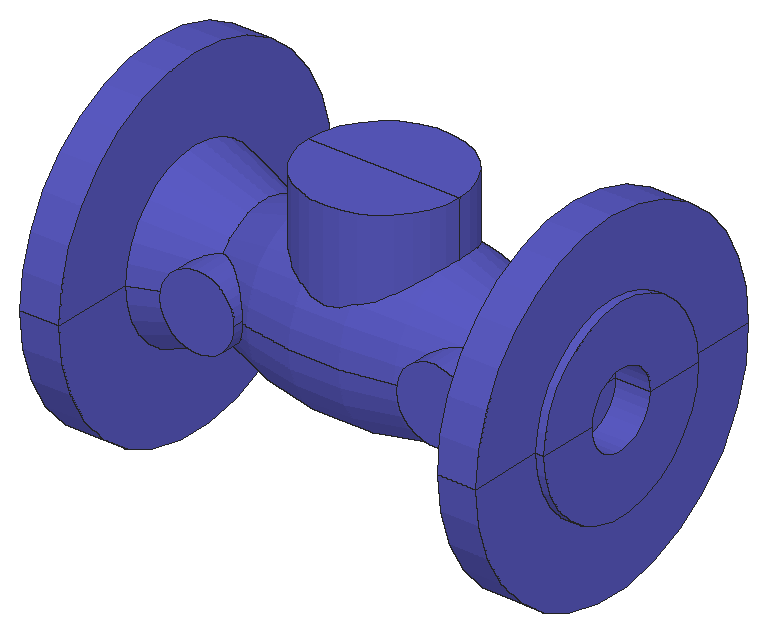
Revit family "HERZ Circuit chutoff valve 4218 AGF", category Rohrzubehör, Revit 2019
Family settings
  Bemaßung runder Anschluss = Durchmesser verwenden
  Teiletyp = Unterbricht
  Arbeitsebenenbasiert = Nein
  Immer vertikal = Ja
  Beim Laden mit Abzugskörper schneiden = Nein
  Gemeinsam genutzt = Nein
Parameters
  w = 10.00°  # constant formula
  Screw [instance] = if(Nennweite = 15.00 mm, "4x M12x50", if(Nennweite = 20.00 mm, "4x M12x55", if(Nennweite = 25.00 mm, "4x M12x55", if(Nennweite = 32.00 mm, "4x M16x60", if(Nennweite = 40.00 mm, "4x M16x60", if(Nennweite = 50.00 mm, "4x M16x60", if(Nennweite = 65.00 mm, "4x M16x60", if(Nennweite = 80.00 mm, "8x M16x65", if(Nennweite = 100.00 mm, "8x M16x65", if(Nennweite = 125.00 mm, "8x M16x70", if(Nennweite = 150.00 mm, "8x M20x70", if(Nennweite = 200.00 mm, "12x M20x75", if(Nennweite = 250.00 mm, "12x M24x85", if(Nennweite = 300.00 mm, "12x M24x85", if(Nennweite = 350.00 mm, "16x M24x90", "16x M27x100")))))))))))))))  # "4x M12x50"
  Medium = "Heating water quality according ÖNORM H5195 or VDI-Standard 2035. The use of ethylene or propylene glycol in a\nmixing ratio 25- 50% is allowed."
  Max. operating temperature up to DN 32 = 130 °C  # constant formula
  Max. operating temperature from DN 40 = 110 °C  # constant formula
  Max. operating pressure = 1600000.0 Pa  # constant formula
  m2 [instance] = size_lookup("4218_AGF", "m2", 22.00 mm, Nennweite)  # 22.00 mm
  m1 [instance] = 27.59 mm  # constant formula
  d1 [instance] = size_lookup("4218_AGF", "d1", 25.00 mm, Nennweite)  # 25.00 mm
  Valve = "upper part made of brass"  # constant formula
  Valve body = "cast iron GJL 250 according to EN 1561"  # constant formula
  URL = "www.herzvalves.com"
  SCRNSEQ = "ARM;ARM_TYP=\"ABSV\";2"
  SCRNCODE = "05;11;2"  # constant formula
  R05 [instance] = size_lookup("4218_AGF", "R05", 45.00 mm, Nennweite)  # 45.00 mm
  R04 [instance] = size_lookup("4218_AGF", "R04", 25.50 mm, Nennweite)  # 25.50 mm
  R03 [instance] = size_lookup("4218_AGF", "R03", 30.00 mm, Nennweite)  # 30.00 mm
  R02 [instance] = size_lookup("4218_AGF", "R02", 21.15 mm, Nennweite)  # 21.15 mm
  R01 [instance] = size_lookup("4218_AGF", "R01", 29.50 mm, Nennweite)  # 29.50 mm
  O-rings = "EPDM"  # constant formula
  Nennweite [instance] = 15.00 mm
  Lk [instance] = size_lookup("4218_AGF", "Lk", 32.50 mm, Nennweite)  # 32.50 mm
  L05 [instance] = 34.16 mm  # constant formula
  L04 [instance] = size_lookup("4218_AGF", "L04", 40.00 mm, Nennweite)  # 40.00 mm
  L03 [instance] = size_lookup("4218_AGF", "L03", 42.00 mm, Nennweite)  # 42.00 mm
  L02 [instance] = size_lookup("4218_AGF", "L02", 3.00 mm, Nennweite)  # 3.00 mm
  L01 [instance] = size_lookup("4218_AGF", "L01", 13.00 mm, Nennweite)  # 13.00 mm
  L [instance] = size_lookup("4218_AGF", "L", 160.00 mm, Nennweite)  # 160.00 mm
  Hersteller = "HERZ-Armaturen Ges.m.b.H."  # constant formula
  Dfl [instance] = size_lookup("4218_AGF", "Dfl", 57.50 mm, Nennweite)  # 57.50 mm
  DN80 [instance] = Nennweite = 80.00 mm  # no
  DN65-80 [instance] = or(Nennweite = 65.00 mm, Nennweite = 80.00 mm)  # no
  DN65 [instance] = Nennweite = 65.00 mm  # no
  DN50-80 [instance] = or(Nennweite = 50.00 mm, Nennweite = 65.00 mm, Nennweite = 80.00 mm)  # no
  DN50 [instance] = Nennweite = 50.00 mm  # no
  DN40 [instance] = Nennweite = 40.00 mm  # no
  DN32 [instance] = Nennweite = 32.00 mm  # no
  DN32-40 [instance] = or(Nennweite = 32.00 mm, Nennweite = 40.00 mm)  # no
  DN25-40 [instance] = or(Nennweite = 25.00 mm, Nennweite = 32.00 mm, Nennweite = 40.00 mm)  # no
  DN25 [instance] = Nennweite = 25.00 mm  # no
  D [instance] = size_lookup("4218_AGF", "D", 12.50 mm, Nennweite)  # 12.50 mm
  Part number [instance] = size_lookup("4218_AGF", "Artnr", 0, Nennweite)  # 0
  B [instance] = size_lookup("4218_AGF", "B", 58.00 mm, Nennweite)  # 58.00 mm
  Application = "For isolation in heating or cooling installations, risers, heat exchangers, heating and cooling systems."
Reference planes
  plane 1 "Mitte (Vorne/hinten)": y = 0
  plane 2: z = 0
  plane 3 "Mitte (Links/rechts)": x = 0
Forms (mm)
  Revolve 1, solid, material "Herz-Marineblau", detail levels fine
    sketch origin (1065, 0, 0) x (1, 0, 0) y (0, 1, 0)
      loop
        line (-1142, 57.5) -> (-1142, 32.5) -> (-1145, 32.5) -> (-1145, 12.5) -> (-1135, 12.5) -> (-1135, 0) -> (-997, 0) -> (-997, 12.5) -> (-985, 12.5) -> (-985, 32.5) -> (-988, 32.5) -> (-988, 57.5) -> (-1001, 57.5) -> (-1001, 29.5) -> (-1024.25, 21.15)
        arc (-1024.25, 21.15) -> (-1065, 30) -> (-1105.75, 21.15) r 98.242
        line (-1105.75, 21.15) -> (-1129, 29.5) -> (-1129, 57.5) -> (-1142, 57.5)
      axis (-985, 0) -> (-1145, 0)
    angle from 0 to 360
  Extrusion 2, solid, material "Herz-Marineblau", visible <- "DN25", detail levels fine
    sketch origin (0, 0, 0) x (1, 0, 0) y (0, 1, 0)
      loop
        arc (-40.75, -24.228) -> (0.085, -32.958) -> (40.917, -24.217) r 99.801
        line (40.917, -24.217) -> (40.917, 24.217)
        arc (40.917, 24.217) -> (0.085, 32.958) -> (-40.75, 24.228) r 99.801
        line (-40.75, 24.228) -> (-40.75, -24.228)
    from -12.5 to 12.5
  Extrusion 3, solid, material "Herz-Marineblau"
    sketch origin (0, 0, 0) x (1, 0, 0) y (0, 0, 1)
      loop
        circle (-40, 0) r 12.5
      loop
        circle (40, 0) r 12.5
    from -29 to 29
  Revolve 4, solid, visible <- "DN25"
    sketch origin (0, 0, 0) x (1, 0, 0) y (0, 0, 1)
      loop
        line (-42.018, 32) -> (-37.406, 5.845) -> (-26.573, 7.755) -> (-31.185, 33.91) -> (-42.018, 32)
      axis (-42.018, 32) -> (-37.406, 5.845)
    angle from 0 to 360
  Revolve 5, solid, visible <- "DN25"
    sketch origin (0, 0, 0) x (-1, 0, 0) y (0, 0, 1)
      loop
        line (-42.018, 32) -> (-37.406, 5.845) -> (-26.573, 7.755) -> (-31.185, 33.91) -> (-42.018, 32)
      axis (-42.018, 32) -> (-37.406, 5.845)
    angle from 0 to 360
  Revolve 6, solid, visible <- "DN32"
    sketch origin (-6, 0, 0) x (1, 0, 0) y (0, 0, 1)
      loop
        line (-42.018, 32) -> (-37.406, 5.845) -> (-26.573, 7.755) -> (-31.185, 33.91) -> (-42.018, 32)
      axis (-42.018, 32) -> (-37.406, 5.845)
    angle from 0 to 360
  Revolve 7, solid, visible <- "DN32"
    sketch origin (6, 0, 0) x (-1, 0, 0) y (0, 0, 1)
      loop
        line (-42.018, 32) -> (-37.406, 5.845) -> (-26.573, 7.755) -> (-31.185, 33.91) -> (-42.018, 32)
      axis (-42.018, 32) -> (-37.406, 5.845)
    angle from 0 to 360
  Revolve 8, solid, visible <- "DN40"
    sketch origin (-10, 0, 6) x (1, 0, 0) y (0, 0, 1)
      loop
        line (-42.018, 32) -> (-37.406, 5.845) -> (-26.573, 7.755) -> (-31.185, 33.91) -> (-42.018, 32)
      axis (-42.018, 32) -> (-37.406, 5.845)
    angle from 0 to 360
  Revolve 9, solid, visible <- "DN40"
    sketch origin (10, 0, 6) x (-1, 0, 0) y (0, 0, 1)
      loop
        line (-42.018, 32) -> (-37.406, 5.845) -> (-26.573, 7.755) -> (-31.185, 33.91) -> (-42.018, 32)
      axis (-42.018, 32) -> (-37.406, 5.845)
    angle from 0 to 360
  Revolve 10, solid, visible <- "DN50"
    sketch origin (-23, 0, 16) x (1, 0, 0) y (0, 0, 1)
      loop
        line (-42.018, 32) -> (-37.406, 5.845) -> (-26.573, 7.755) -> (-31.185, 33.91) -> (-42.018, 32)
      axis (-42.018, 32) -> (-37.406, 5.845)
    angle from 0 to 360
  Revolve 11, solid, visible <- "DN50"
    sketch origin (23, 0, 16) x (-1, 0, 0) y (0, 0, 1)
      loop
        line (-42.018, 32) -> (-37.406, 5.845) -> (-26.573, 7.755) -> (-31.185, 33.91) -> (-42.018, 32)
      axis (-42.018, 32) -> (-37.406, 5.845)
    angle from 0 to 360
  Revolve 12, solid, visible <- "DN65"
    sketch origin (-35, 0, 28) x (1, 0, 0) y (0, 0, 1)
      loop
        line (-42.018, 32) -> (-34.219, -12.231) -> (-18.954, -9.539) -> (-26.753, 34.692) -> (-42.018, 32)
      axis (-42.018, 32) -> (-34.219, -12.231)
    angle from 0 to 360
  Revolve 13, solid, visible <- "DN65"
    sketch origin (35, 0, 28) x (-1, 0, 0) y (0, 0, 1)
      loop
        line (-42.018, 32) -> (-34.219, -12.231) -> (-18.954, -9.539) -> (-26.753, 34.692) -> (-42.018, 32)
      axis (-42.018, 32) -> (-34.219, -12.231)
    angle from 0 to 360
  Revolve 14, solid, visible <- "DN80"
    sketch origin (-43, 0, 33) x (1, 0, 0) y (0, 0, 1)
      loop
        line (-42.018, 32) -> (-34.219, -12.231) -> (-18.954, -9.539) -> (-26.753, 34.692) -> (-42.018, 32)
      axis (-42.018, 32) -> (-34.219, -12.231)
    angle from 0 to 360
  Revolve 15, solid, visible <- "DN80"
    sketch origin (43, 0, 33) x (-1, 0, 0) y (0, 0, 1)
      loop
        line (-42.018, 32) -> (-34.219, -12.231) -> (-18.954, -9.539) -> (-26.753, 34.692) -> (-42.018, 32)
      axis (-42.018, 32) -> (-34.219, -12.231)
    angle from 0 to 360
  Revolve 16, solid, material "Herz-Marineblau"
    sketch origin (0, 0, 0) x (1, 0, 0) y (0, 0, 1)
      loop
        line (-0.018, 0) -> (25.5, 0) -> (25.5, 45) -> (-0.018, 45) -> (-0.018, 0)
      axis (-0.018, 45) -> (-0.018, 0)
    angle from 0 to 360
  Extrusion 17, solid, material "Herz-Marineblau", visible <- "DN32", detail levels fine
    sketch origin (0, 5, 0) x (1, 0, 0) y (0, 1, 0)
      loop
        arc (-50, -30.504) -> (0, -44.033) -> (50, -30.504) r 99.158
        line (50, -30.504) -> (50, 20.504)
        arc (50, 20.504) -> (0, 34.033) -> (-50, 20.504) r 99.158
        line (-50, 20.504) -> (-50, -30.504)
    from -12.5 to 12.5
  Extrusion 18, solid, material "Herz-Marineblau", visible <- "DN40", detail levels fine
    sketch origin (0, 7.139, 0) x (1, 0, 0) y (0, 1, 0)
      loop
        arc (-58.75, -37.243) -> (-0.086, -48.157) -> (58.607, -37.396) r 164.275
        line (58.607, -37.396) -> (58.607, 23.118)
        arc (58.607, 23.118) -> (-0.086, 33.878) -> (-58.75, 22.964) r 164.275
        line (-58.75, 22.964) -> (-58.75, -37.243)
    from -12.5 to 12.5
  Extrusion 19, solid, material "Herz-Marineblau", visible <- "DN50", detail levels fine
    sketch origin (0, 12.139, 0) x (1, 0, 0) y (0, 1, 0)
      loop
        arc (-70, -51.365) -> (-0.006, -58.136) -> (70, -51.487) r 368.507
        line (70, -51.487) -> (70, 27.208)
        arc (70, 27.208) -> (-0.006, 33.857) -> (-70, 27.086) r 368.507
        line (-70, 27.086) -> (-70, -51.365)
    from -12.5 to 12.5
  Extrusion 20, solid, material "Herz-Marineblau", visible <- "DN65", detail levels fine
    sketch origin (0, 17.139, 0) x (1, 0, 0) y (0, 1, 0)
      loop
        line (-89.879, 31.045) -> (-89.879, -65.324)
        arc (-89.879, -65.324) -> (0.112, -71.41) -> (90.111, -65.45) r 675.309
        line (90.111, -65.45) -> (90.111, 31.171)
        arc (90.111, 31.171) -> (0.112, 37.132) -> (-89.879, 31.045) r 675.309
    from -12.5 to 12.5
  Extrusion 21, solid, material "Herz-Marineblau", visible <- "DN80", detail levels fine
    sketch origin (0, 23.908, 0) x (1, 0, 0) y (0, 1, 0)
      loop
        line (-95.924, 29.668) -> (-95.924, -77.484)
        arc (-95.924, -77.484) -> (1.171, -81.507) -> (98.253, -77.179) r 1130.914
        line (98.253, -77.179) -> (98.253, 29.363)
        arc (98.253, 29.363) -> (1.171, 33.69) -> (-95.924, 29.668) r 1130.914
    from -12.5 to 12.5
  Revolve 22, solid, material "Messing, weicher Gelbton, geschweißt", visible <- "DN25"
    sketch origin (0, 0, 0) x (1, 0, 0) y (0, 0, 1)
      loop
        line (-15.927, 65) -> (-15.927, 50) -> (-24.821, 50) -> (-24.821, 45) -> (-0.018, 45) -> (-0.018, 87.982) -> (-7.018, 87.982) -> (-10.561, 84.439) -> (-10.561, 65) -> (-15.927, 65)
      axis (-0.018, 87.982) -> (-0.018, 45)
    angle from 0 to 360
  Revolve 23, solid, material "Messing, weicher Gelbton, geschweißt", visible <- "DN32-40"
    sketch origin (0, 0, 5) x (1, 0, 0) y (0, 0, 1)
      loop
        line (-15.927, 65) -> (-15.927, 50) -> (-24.821, 50) -> (-24.821, 45) -> (-0.018, 45) -> (-0.018, 82.982) -> (-7.018, 82.982) -> (-10.561, 79.439) -> (-10.561, 65) -> (-15.927, 65)
      axis (-0.018, 82.982) -> (-0.018, 45)
    angle from 0 to 360
  Revolve 24, solid, material "Messing, weicher Gelbton, geschweißt", visible <- "DN50"
    sketch origin (0, 0, 0) x (1, 0, 0) y (0, 0, 1)
      loop
        line (-30.605, 80.5) -> (-30.605, 65.5) -> (-39.5, 65.5) -> (-39.5, 60.5) -> (0, 60.5) -> (0, 103) -> (-17.179, 103) -> (-25.239, 94.939) -> (-25.239, 80.5) -> (-30.605, 80.5)
      axis (0, 103) -> (0, 60.5)
    angle from 0 to 360
  Revolve 25, solid, material "Messing, weicher Gelbton, geschweißt", visible <- "DN65-80"
    sketch origin (0, 0, 7.5) x (1, 0, 0) y (0, 0, 1)
      loop
        line (-30.605, 80.5) -> (-30.605, 65.5) -> (-39.5, 65.5) -> (-39.5, 60.5) -> (0, 60.5) -> (0, 95.5) -> (-17.179, 95.5) -> (-25.239, 87.439) -> (-25.239, 80.5) -> (-30.605, 80.5)
      axis (0, 95.5) -> (0, 60.5)
    angle from 0 to 360
  Extrusion 26, solid, material "Messing, weicher Gelbton, geschweißt", visible <- "DN25"
    sketch origin (0.537, 0, 6.073) x (0.984808, 0, 0.173648) y (0, 1, 0)
      loop
        line (-26.573, 0) -> (-31.989, 9.382) -> (-42.822, 9.382) -> (-48.239, 0) -> (-42.822, -9.382) -> (-31.989, -9.382) -> (-26.573, 0)
    from 32.922 to 35.92
  Extrusion 27, solid, material "Messing, weicher Gelbton, geschweißt", visible <- "DN40"
    sketch origin (-9.463, 0, 12.073) x (0.984808, 0, 0.173648) y (0, 1, 0)
      loop
        line (-26.573, 0) -> (-31.989, 9.382) -> (-42.822, 9.382) -> (-48.239, 0) -> (-42.822, -9.382) -> (-31.989, -9.382) -> (-26.573, 0)
    from 32.922 to 35.92
  Extrusion 28, solid, material "Messing, weicher Gelbton, geschweißt", visible <- "DN50"
    sketch origin (-22.463, 0, 22.073) x (0.984808, 0, 0.173648) y (0, 1, 0)
      loop
        line (-26.573, 0) -> (-31.989, 9.382) -> (-42.822, 9.382) -> (-48.239, 0) -> (-42.822, -9.382) -> (-31.989, -9.382) -> (-26.573, 0)
    from 32.922 to 35.92
  Extrusion 29, solid, material "Messing, weicher Gelbton, geschweißt", visible <- "DN80"
    sketch origin (-40.926, 0, 36.434) x (0.984808, 0, 0.173648) y (0, 1, 0)
      loop
        line (-24.656, 0) -> (-31.558, 11.956) -> (-45.364, 11.956) -> (-52.266, 0) -> (-45.364, -11.956) -> (-31.558, -11.956) -> (-24.656, 0)
    from 35.788 to 38.79
  Extrusion 30, solid, material "Messing, weicher Gelbton, geschweißt", visible <- "DN32"
    sketch origin (-5.463, 0, 6.073) x (0.984808, 0, 0.173648) y (0, 1, 0)
      loop
        line (-26.573, 0) -> (-31.989, 9.382) -> (-42.822, 9.382) -> (-48.239, 0) -> (-42.822, -9.382) -> (-31.989, -9.382) -> (-26.573, 0)
    from 32.922 to 35.92
  Extrusion 31, solid, material "Messing, weicher Gelbton, geschweißt", visible <- "DN25"
    sketch origin (-0.537, 0, 6.073) x (-0.984808, 0, 0.173648) y (0, -1, 0)
      loop
        line (-26.573, 0) -> (-31.989, 9.382) -> (-42.822, 9.382) -> (-48.239, 0) -> (-42.822, -9.382) -> (-31.989, -9.382) -> (-26.573, 0)
    from 32.922 to 35.92
  Extrusion 32, solid, material "Messing, weicher Gelbton, geschweißt", visible <- "DN40"
    sketch origin (9.463, 0, 12.073) x (-0.984808, 0, 0.173648) y (0, -1, 0)
      loop
        line (-26.573, 0) -> (-31.989, 9.382) -> (-42.822, 9.382) -> (-48.239, 0) -> (-42.822, -9.382) -> (-31.989, -9.382) -> (-26.573, 0)
    from 32.922 to 35.92
  Extrusion 33, solid, material "Messing, weicher Gelbton, geschweißt", visible <- "DN50"
    sketch origin (22.463, 0, 22.073) x (-0.984808, 0, 0.173648) y (0, -1, 0)
      loop
        line (-26.573, 0) -> (-31.989, 9.382) -> (-42.822, 9.382) -> (-48.239, 0) -> (-42.822, -9.382) -> (-31.989, -9.382) -> (-26.573, 0)
    from 32.922 to 35.92
  Extrusion 34, solid, material "Messing, weicher Gelbton, geschweißt", visible <- "DN32"
    sketch origin (5.463, 0, 6.073) x (-0.984808, 0, 0.173648) y (0, -1, 0)
      loop
        line (-26.573, 0) -> (-31.989, 9.382) -> (-42.822, 9.382) -> (-48.239, 0) -> (-42.822, -9.382) -> (-31.989, -9.382) -> (-26.573, 0)
    from 32.922 to 35.92
  Extrusion 35, solid, material "Messing, weicher Gelbton, geschweißt", visible <- "DN65"
    sketch origin (-32.926, 0, 31.434) x (0.984808, 0, 0.173648) y (0, 1, 0)
      loop
        line (-24.656, 0) -> (-31.558, 11.956) -> (-45.364, 11.956) -> (-52.266, 0) -> (-45.364, -11.956) -> (-31.558, -11.956) -> (-24.656, 0)
    from 35.788 to 38.79
  Extrusion 36, solid, material "Messing, weicher Gelbton, geschweißt", visible <- "DN80"
    sketch origin (40.926, 0, 36.434) x (-0.984808, 0, 0.173648) y (0, -1, 0)
      loop
        line (-24.656, 0) -> (-31.558, 11.956) -> (-45.364, 11.956) -> (-52.266, 0) -> (-45.364, -11.956) -> (-31.558, -11.956) -> (-24.656, 0)
    from 35.788 to 38.79
  Extrusion 37, solid, material "Messing, weicher Gelbton, geschweißt", visible <- "DN65"
    sketch origin (32.926, 0, 31.434) x (-0.984808, 0, 0.173648) y (0, -1, 0)
      loop
        line (-24.656, 0) -> (-31.558, 11.956) -> (-45.364, 11.956) -> (-52.266, 0) -> (-45.364, -11.956) -> (-31.558, -11.956) -> (-24.656, 0)
    from 35.788 to 38.79
Lines and regions (mm)
  model lines
    curve 1: line (-42.018, 0, 0) -> (-42.018, 0, 32)
    curve 2: line (-0.018, 0, 0) -> (-48.018, 0, 0)
    curve 3: line (-48.018, 0, 0) -> (-48.018, 0, 32)
    curve 4: line (-0.018, 0, 0) -> (-52.018, 0, 0)
    curve 5: line (-52.018, 0, 0) -> (-52.018, 0, 38)
    curve 6: line (-0.018, 0, 0) -> (-65.018, 0, 0)
    curve 7: line (-65.018, 0, 0) -> (-65.018, 0, 48)
    curve 8: line (-0.018, 0, 0) -> (-77.018, 0, 0)
    curve 9: line (-77.018, 0, 0) -> (-77.018, 0, 60)
    curve 10: line (-0.018, 0, 0) -> (-85.018, 0, 0)
    curve 11: line (-100.282, 0, 0) -> (-69.753, 0, 0)
    curve 12: line (-92.474, 0, 0) -> (-61.753, 0, 0)
Dimensions and locks
  "Dfl": plane 1 "Mitte (Vorne/hinten)" to Revolve 1 sketch curve
  "Lk": plane 1 "Mitte (Vorne/hinten)" to Revolve 1 sketch curve
  "D": plane 1 "Mitte (Vorne/hinten)" to Revolve 1 sketch curve
  "L": Revolve 1 sketch curve to Revolve 1 sketch curve
  "L01": Revolve 1 sketch curve to Revolve 1 sketch curve  (x2)
  "L02": Revolve 1 sketch curve to Revolve 1 sketch curve  (x2)
  equal spacing: Revolve 1 sketch curve, plane 3 "Mitte (Links/rechts)", Revolve 1 sketch curve  (x2)
  "L04": plane 3 "Mitte (Links/rechts)" to Extrusion 3 sketch curve
  "L04": Extrusion 3 sketch curve to plane 3 "Mitte (Links/rechts)"
  "B": Extrusion 3 to Extrusion 3
  equal spacing: Extrusion 3, plane 1 "Mitte (Vorne/hinten)", Extrusion 3
  "D": Revolve 1 sketch curve to plane 1 "Mitte (Vorne/hinten)"
  "Lk": Revolve 1 sketch curve to plane 1 "Mitte (Vorne/hinten)"
  "Dfl": Revolve 1 sketch curve to plane 1 "Mitte (Vorne/hinten)"
  "R02": plane 1 "Mitte (Vorne/hinten)" to Revolve 1 sketch curve  (x2)
  "R01": plane 1 "Mitte (Vorne/hinten)" to Revolve 1 sketch curve  (x2)
  "R03": plane 1 "Mitte (Vorne/hinten)" to Revolve 1 sketch curve
  Revolve 4 sketch curve to Revolve 4 sketch curve = 11.00 mm
  Revolve 4 sketch curve to Revolve 4 sketch curve = 26.559 mm
  Revolve 5 sketch curve to Revolve 5 sketch curve = 11.00 mm
  Revolve 5 sketch curve to Revolve 5 sketch curve = 26.559 mm
  Revolve 6 sketch curve to Revolve 6 sketch curve = 11.00 mm
  Revolve 6 sketch curve to Revolve 6 sketch curve = 26.559 mm
  Revolve 7 sketch curve to Revolve 7 sketch curve = 11.00 mm
  Revolve 7 sketch curve to Revolve 7 sketch curve = 26.559 mm
  Revolve 8 sketch curve to Revolve 8 sketch curve = 11.00 mm
  Revolve 8 sketch curve to Revolve 8 sketch curve = 26.559 mm
  Revolve 9 sketch curve to Revolve 9 sketch curve = 11.00 mm
  Revolve 9 sketch curve to Revolve 9 sketch curve = 26.559 mm
  Revolve 10 sketch curve to Revolve 10 sketch curve = 11.00 mm
  Revolve 10 sketch curve to Revolve 10 sketch curve = 26.559 mm
  Revolve 11 sketch curve to Revolve 11 sketch curve = 11.00 mm
  Revolve 11 sketch curve to Revolve 11 sketch curve = 26.559 mm
  Revolve 12 sketch curve to Revolve 12 sketch curve = 15.50 mm
  Revolve 12 sketch curve to Revolve 12 sketch curve = 44.913 mm
  Revolve 13 sketch curve to Revolve 13 sketch curve = 15.50 mm
  Revolve 13 sketch curve to Revolve 13 sketch curve = 44.913 mm
  Revolve 14 sketch curve to Revolve 14 sketch curve = 15.50 mm
  Revolve 14 sketch curve to Revolve 14 sketch curve = 44.913 mm
  Revolve 15 sketch curve to Revolve 15 sketch curve = 15.50 mm
  Revolve 15 sketch curve to Revolve 15 sketch curve = 44.913 mm
  "R05": Revolve 16 sketch curve to plane 2
  "R04": plane 3 "Mitte (Links/rechts)" to Revolve 16 sketch curve
  nested 5 to plane 2 = 88.00 mm
  nested 7 to plane 2 = 103.00 mm
  "d1": diameter of Extrusion 3 sketch curve  (x2)
  aligned and locked: level to plane 2
Automatic sketch dimensions
  curve 10 to level = 0.00 mm
  curve 8 to level = 0.00 mm
  curve 5 to level = 0.00 mm
  curve 10 to plane 3 "Mitte (Links/rechts)" = 85.018 mm
  curve 10 to curve 8 = 8.00 mm
  curve 8 to curve 7 = 12.00 mm
  curve 6 to curve 5 = 13.00 mm
  curve 4 to curve 2 = 4.00 mm
  curve 4 to plane 3 "Mitte (Links/rechts)" = 0.018 mm
  curve 6 to curve 2 = 0.00 mm
  curve 3 to curve 1 = 6.00 mm
  curve 10 to curve 2 = 0.00 mm
  level to curve 3 = 32.00 mm
  curve 1 to curve 3 = 0.00 mm
  curve 3 to curve 5 = 6.00 mm
  curve 5 to curve 7 = 10.00 mm
  curve 7 to curve 9 = 12.00 mm
  plane 1 "Mitte (Vorne/hinten)" to curve 11 = 0.00 mm
  plane 1 "Mitte (Vorne/hinten)" to curve 12 = 0.00 mm
  curve 11 to plane 3 "Mitte (Links/rechts)" = 100.282 mm
  curve 11 to curve 12 = 7.808 mm
  curve 12 to curve 11 = 22.721 mm
  curve 11 to curve 12 = 8.00 mm
  Extrusion 2 sketch curve to plane 3 "Mitte (Links/rechts)" = 40.75 mm
  plane 3 "Mitte (Links/rechts)" to Extrusion 2 sketch curve = 0.071 mm  (x2)
  plane 1 "Mitte (Vorne/hinten)" to Extrusion 2 sketch curve = 24.217 mm
  plane 3 "Mitte (Links/rechts)" to Extrusion 2 sketch curve = 40.917 mm
  plane 1 "Mitte (Vorne/hinten)" to Extrusion 2 sketch curve = 24.228 mm
  Extrusion 2 sketch curve to Extrusion 2 sketch curve = 42.614 mm
  Extrusion 2 sketch curve to plane 1 "Mitte (Vorne/hinten)" = 24.217 mm
  Revolve 4 sketch curve to plane 3 "Mitte (Links/rechts)" = 42.018 mm
  level to Revolve 4 sketch curve = 5.845 mm  (x2)
  Revolve 4 sketch curve to Revolve 4 sketch curve = 4.612 mm
  Revolve 4 sketch curve to Revolve 4 sketch curve = 10.833 mm
  level to Revolve 4 sketch curve = 32.00 mm
  Revolve 5 sketch curve to plane 3 "Mitte (Links/rechts)" = 42.018 mm
  Revolve 5 sketch curve to level = 5.845 mm  (x2)
  Revolve 5 sketch curve to Revolve 5 sketch curve = 4.612 mm
  Revolve 5 sketch curve to Revolve 5 sketch curve = 10.833 mm
  Revolve 5 sketch curve to level = 32.00 mm
  Revolve 6 sketch curve to plane 3 "Mitte (Links/rechts)" = 48.018 mm
  level to Revolve 6 sketch curve = 5.845 mm  (x2)
  Revolve 6 sketch curve to Revolve 6 sketch curve = 4.612 mm
  level to Revolve 6 sketch curve = 33.91 mm
  level to Revolve 6 sketch curve = 32.00 mm
  Revolve 7 sketch curve to plane 3 "Mitte (Links/rechts)" = 48.018 mm
  Revolve 7 sketch curve to level = 5.845 mm  (x2)
  Revolve 7 sketch curve to Revolve 7 sketch curve = 4.612 mm
  Revolve 7 sketch curve to level = 33.91 mm
  Revolve 7 sketch curve to level = 32.00 mm
  Revolve 8 sketch curve to plane 3 "Mitte (Links/rechts)" = 52.018 mm
  level to Revolve 8 sketch curve = 11.845 mm  (x2)
  Revolve 8 sketch curve to Revolve 8 sketch curve = 4.612 mm
  level to Revolve 8 sketch curve = 39.91 mm
  level to Revolve 8 sketch curve = 38.00 mm
  Revolve 9 sketch curve to plane 3 "Mitte (Links/rechts)" = 52.018 mm
  Revolve 9 sketch curve to level = 11.845 mm  (x2)
  Revolve 9 sketch curve to Revolve 9 sketch curve = 4.612 mm
  Revolve 9 sketch curve to level = 39.91 mm
  Revolve 9 sketch curve to level = 38.00 mm
  Revolve 10 sketch curve to plane 3 "Mitte (Links/rechts)" = 65.018 mm
  level to Revolve 10 sketch curve = 21.845 mm  (x2)
  Revolve 10 sketch curve to Revolve 10 sketch curve = 4.612 mm
  level to Revolve 10 sketch curve = 49.91 mm
  level to Revolve 10 sketch curve = 48.00 mm
  Revolve 11 sketch curve to plane 3 "Mitte (Links/rechts)" = 65.018 mm
  Revolve 11 sketch curve to level = 21.845 mm  (x2)
  Revolve 11 sketch curve to Revolve 11 sketch curve = 4.612 mm
  Revolve 11 sketch curve to level = 49.91 mm
  Revolve 11 sketch curve to level = 48.00 mm
  Revolve 12 sketch curve to plane 3 "Mitte (Links/rechts)" = 77.018 mm
  level to Revolve 12 sketch curve = 15.769 mm
  Revolve 12 sketch curve to Revolve 12 sketch curve = 7.799 mm
  Revolve 12 sketch curve to Revolve 12 sketch curve = 15.265 mm
  level to Revolve 12 sketch curve = 60.00 mm
  level to Revolve 12 sketch curve = 33.845 mm
  Revolve 13 sketch curve to plane 3 "Mitte (Links/rechts)" = 77.018 mm
  Revolve 13 sketch curve to level = 15.769 mm
  Revolve 13 sketch curve to Revolve 13 sketch curve = 7.799 mm
  Revolve 13 sketch curve to Revolve 13 sketch curve = 15.265 mm
  Revolve 13 sketch curve to level = 60.00 mm
  Revolve 13 sketch curve to level = 33.845 mm
  Revolve 14 sketch curve to plane 3 "Mitte (Links/rechts)" = 85.018 mm
  level to Revolve 14 sketch curve = 20.769 mm
  Revolve 14 sketch curve to Revolve 14 sketch curve = 7.799 mm
  level to Revolve 14 sketch curve = 67.692 mm
  level to Revolve 14 sketch curve = 65.00 mm
  level to Revolve 14 sketch curve = 38.845 mm
  Revolve 15 sketch curve to plane 3 "Mitte (Links/rechts)" = 85.018 mm
  Revolve 15 sketch curve to level = 20.769 mm
  Revolve 15 sketch curve to Revolve 15 sketch curve = 7.799 mm
  Revolve 15 sketch curve to level = 67.692 mm
  Revolve 15 sketch curve to level = 65.00 mm
  Revolve 15 sketch curve to level = 38.845 mm
  Extrusion 17 sketch curve to plane 3 "Mitte (Links/rechts)" = 0.00 mm  (x2)
  Extrusion 17 sketch curve to plane 1 "Mitte (Vorne/hinten)" = 25.504 mm
  Extrusion 17 sketch curve to plane 3 "Mitte (Links/rechts)" = 50.00 mm
  plane 1 "Mitte (Vorne/hinten)" to Extrusion 17 sketch curve = 25.504 mm
  plane 3 "Mitte (Links/rechts)" to Extrusion 17 sketch curve = 50.00 mm
  plane 1 "Mitte (Vorne/hinten)" to Extrusion 17 sketch curve = 60.125 mm
  Extrusion 17 sketch curve to plane 1 "Mitte (Vorne/hinten)" = 60.125 mm
  Extrusion 18 sketch curve to plane 3 "Mitte (Links/rechts)" = 58.75 mm
  plane 3 "Mitte (Links/rechts)" to Extrusion 18 sketch curve = 0.129 mm  (x2)
  plane 1 "Mitte (Vorne/hinten)" to Extrusion 18 sketch curve = 30.257 mm
  plane 3 "Mitte (Links/rechts)" to Extrusion 18 sketch curve = 58.607 mm
  Extrusion 18 sketch curve to Extrusion 18 sketch curve = 93.00 mm
  plane 1 "Mitte (Vorne/hinten)" to Extrusion 18 sketch curve = 30.103 mm
  Extrusion 18 sketch curve to plane 1 "Mitte (Vorne/hinten)" = 30.103 mm
  Extrusion 19 sketch curve to plane 3 "Mitte (Links/rechts)" = 70.00 mm
  plane 3 "Mitte (Links/rechts)" to Extrusion 19 sketch curve = 0.315 mm  (x2)
  plane 1 "Mitte (Vorne/hinten)" to Extrusion 19 sketch curve = 39.348 mm
  plane 3 "Mitte (Links/rechts)" to Extrusion 19 sketch curve = 70.00 mm
  Extrusion 19 sketch curve to Extrusion 19 sketch curve = 283.163 mm
  plane 1 "Mitte (Vorne/hinten)" to Extrusion 19 sketch curve = 39.226 mm
  Extrusion 19 sketch curve to plane 1 "Mitte (Vorne/hinten)" = 39.226 mm
  Extrusion 20 sketch curve to plane 3 "Mitte (Links/rechts)" = 89.879 mm
  plane 3 "Mitte (Links/rechts)" to Extrusion 20 sketch curve = 0.585 mm  (x2)
  plane 3 "Mitte (Links/rechts)" to Extrusion 20 sketch curve = 90.111 mm
  plane 1 "Mitte (Vorne/hinten)" to Extrusion 20 sketch curve = 621.038 mm
  plane 1 "Mitte (Vorne/hinten)" to Extrusion 20 sketch curve = 48.311 mm
  plane 1 "Mitte (Vorne/hinten)" to Extrusion 20 sketch curve = 48.185 mm
  Extrusion 20 sketch curve to plane 1 "Mitte (Vorne/hinten)" = 48.185 mm
  Extrusion 21 sketch curve to plane 3 "Mitte (Links/rechts)" = 95.924 mm
  Extrusion 21 sketch curve to plane 3 "Mitte (Links/rechts)" = 0.606 mm  (x2)
  plane 1 "Mitte (Vorne/hinten)" to Extrusion 21 sketch curve = 53.271 mm
  plane 3 "Mitte (Links/rechts)" to Extrusion 21 sketch curve = 98.253 mm
  plane 1 "Mitte (Vorne/hinten)" to Extrusion 21 sketch curve = 53.576 mm
  Extrusion 21 sketch curve to Extrusion 21 sketch curve = 1019.737 mm
  Extrusion 21 sketch curve to plane 1 "Mitte (Vorne/hinten)" = 53.271 mm
  Revolve 22 sketch curve to plane 3 "Mitte (Links/rechts)" = 24.821 mm
  Revolve 22 sketch curve to Revolve 22 sketch curve = 8.895 mm
  Revolve 22 sketch curve to Revolve 22 sketch curve = 5.366 mm
  Revolve 22 sketch curve to Revolve 22 sketch curve = 3.543 mm  (x2)
  Revolve 22 sketch curve to plane 3 "Mitte (Links/rechts)" = 0.018 mm
  level to Revolve 22 sketch curve = 45.00 mm
  Revolve 22 sketch curve to Revolve 22 sketch curve = 5.00 mm
  Revolve 22 sketch curve to Revolve 22 sketch curve = 15.00 mm
  Revolve 22 sketch curve to Revolve 22 sketch curve = 19.439 mm
  Revolve 22 sketch curve to Revolve 22 sketch curve = 0.00 mm  (x3)
  Revolve 23 sketch curve to plane 3 "Mitte (Links/rechts)" = 24.821 mm
  Revolve 23 sketch curve to Revolve 23 sketch curve = 8.895 mm
  Revolve 23 sketch curve to Revolve 23 sketch curve = 5.366 mm
  Revolve 23 sketch curve to Revolve 23 sketch curve = 3.543 mm  (x2)
  Revolve 23 sketch curve to plane 3 "Mitte (Links/rechts)" = 0.018 mm
  level to Revolve 23 sketch curve = 50.00 mm
  Revolve 23 sketch curve to Revolve 23 sketch curve = 5.00 mm  (x2)
  Revolve 23 sketch curve to Revolve 23 sketch curve = 15.00 mm
  Revolve 23 sketch curve to Revolve 23 sketch curve = 14.439 mm
  Revolve 23 sketch curve to Revolve 23 sketch curve = 0.00 mm  (x2)
  Revolve 24 sketch curve to plane 3 "Mitte (Links/rechts)" = 0.00 mm  (x2)
  Revolve 24 sketch curve to plane 3 "Mitte (Links/rechts)" = 17.179 mm
  Revolve 24 sketch curve to Revolve 24 sketch curve = 8.061 mm  (x2)
  Revolve 24 sketch curve to Revolve 24 sketch curve = 5.366 mm
  Revolve 24 sketch curve to Revolve 24 sketch curve = 8.895 mm
  level to Revolve 24 sketch curve = 60.50 mm
  Revolve 24 sketch curve to Revolve 24 sketch curve = 5.00 mm
  Revolve 24 sketch curve to Revolve 24 sketch curve = 15.00 mm
  Revolve 24 sketch curve to Revolve 24 sketch curve = 14.439 mm
  Revolve 24 sketch curve to Revolve 24 sketch curve = 0.00 mm  (x2)
  Revolve 25 sketch curve to plane 3 "Mitte (Links/rechts)" = 0.00 mm  (x2)
  Revolve 25 sketch curve to plane 3 "Mitte (Links/rechts)" = 17.179 mm
  Revolve 25 sketch curve to Revolve 25 sketch curve = 8.061 mm  (x2)
  Revolve 25 sketch curve to Revolve 25 sketch curve = 5.366 mm
  Revolve 25 sketch curve to Revolve 25 sketch curve = 8.895 mm
  level to Revolve 25 sketch curve = 68.00 mm
  Revolve 25 sketch curve to Revolve 25 sketch curve = 5.00 mm
  Revolve 25 sketch curve to Revolve 25 sketch curve = 15.00 mm
  Revolve 25 sketch curve to Revolve 25 sketch curve = 6.939 mm
  Revolve 25 sketch curve to Revolve 25 sketch curve = 0.00 mm
  Revolve 25 sketch curve to Revolve 25 sketch curve = 7.50 mm
  plane 1 "Mitte (Vorne/hinten)" to Extrusion 26 sketch curve = 0.00 mm  (x2)
  Extrusion 26 sketch curve to Extrusion 26 sketch curve = 5.416 mm  (x3)
  plane 1 "Mitte (Vorne/hinten)" to Extrusion 26 sketch curve = 9.382 mm
  Extrusion 26 sketch curve to Extrusion 26 sketch curve = 10.833 mm  (x2)
  Extrusion 26 sketch curve to plane 1 "Mitte (Vorne/hinten)" = 9.382 mm
  plane 1 "Mitte (Vorne/hinten)" to Extrusion 27 sketch curve = 0.00 mm  (x2)
  Extrusion 27 sketch curve to Extrusion 27 sketch curve = 5.416 mm  (x3)
  plane 1 "Mitte (Vorne/hinten)" to Extrusion 27 sketch curve = 9.382 mm
  Extrusion 27 sketch curve to Extrusion 27 sketch curve = 10.833 mm  (x2)
  Extrusion 27 sketch curve to plane 1 "Mitte (Vorne/hinten)" = 9.382 mm
  plane 1 "Mitte (Vorne/hinten)" to Extrusion 28 sketch curve = 0.00 mm  (x2)
  Extrusion 28 sketch curve to Extrusion 28 sketch curve = 5.416 mm  (x3)
  plane 1 "Mitte (Vorne/hinten)" to Extrusion 28 sketch curve = 9.382 mm
  Extrusion 28 sketch curve to Extrusion 28 sketch curve = 10.833 mm  (x2)
  Extrusion 28 sketch curve to plane 1 "Mitte (Vorne/hinten)" = 9.382 mm
  plane 1 "Mitte (Vorne/hinten)" to Extrusion 29 sketch curve = 0.00 mm  (x2)
  Extrusion 29 sketch curve to Extrusion 29 sketch curve = 6.903 mm  (x3)
  plane 1 "Mitte (Vorne/hinten)" to Extrusion 29 sketch curve = 11.956 mm
  Extrusion 29 sketch curve to Extrusion 29 sketch curve = 13.805 mm  (x2)
  Extrusion 29 sketch curve to plane 1 "Mitte (Vorne/hinten)" = 11.956 mm
  plane 1 "Mitte (Vorne/hinten)" to Extrusion 30 sketch curve = 0.00 mm  (x2)
  Extrusion 30 sketch curve to Extrusion 30 sketch curve = 5.416 mm  (x3)
  plane 1 "Mitte (Vorne/hinten)" to Extrusion 30 sketch curve = 9.382 mm
  Extrusion 30 sketch curve to Extrusion 30 sketch curve = 10.833 mm  (x2)
  Extrusion 30 sketch curve to plane 1 "Mitte (Vorne/hinten)" = 9.382 mm
  plane 1 "Mitte (Vorne/hinten)" to Extrusion 31 sketch curve = 0.00 mm  (x2)
  Extrusion 31 sketch curve to Extrusion 31 sketch curve = 5.416 mm  (x3)
  plane 1 "Mitte (Vorne/hinten)" to Extrusion 31 sketch curve = 9.382 mm
  Extrusion 31 sketch curve to Extrusion 31 sketch curve = 10.833 mm  (x2)
  Extrusion 31 sketch curve to plane 1 "Mitte (Vorne/hinten)" = 9.382 mm
  plane 1 "Mitte (Vorne/hinten)" to Extrusion 32 sketch curve = 0.00 mm  (x2)
  Extrusion 32 sketch curve to Extrusion 32 sketch curve = 5.416 mm  (x3)
  plane 1 "Mitte (Vorne/hinten)" to Extrusion 32 sketch curve = 9.382 mm
  Extrusion 32 sketch curve to Extrusion 32 sketch curve = 10.833 mm  (x2)
  Extrusion 32 sketch curve to plane 1 "Mitte (Vorne/hinten)" = 9.382 mm
  plane 1 "Mitte (Vorne/hinten)" to Extrusion 33 sketch curve = 0.00 mm  (x2)
  Extrusion 33 sketch curve to Extrusion 33 sketch curve = 5.416 mm  (x3)
  plane 1 "Mitte (Vorne/hinten)" to Extrusion 33 sketch curve = 9.382 mm
  Extrusion 33 sketch curve to Extrusion 33 sketch curve = 10.833 mm  (x2)
  Extrusion 33 sketch curve to plane 1 "Mitte (Vorne/hinten)" = 9.382 mm
  plane 1 "Mitte (Vorne/hinten)" to Extrusion 34 sketch curve = 0.00 mm  (x2)
  Extrusion 34 sketch curve to Extrusion 34 sketch curve = 5.416 mm  (x3)
  plane 1 "Mitte (Vorne/hinten)" to Extrusion 34 sketch curve = 9.382 mm
  Extrusion 34 sketch curve to Extrusion 34 sketch curve = 10.833 mm  (x2)
  Extrusion 34 sketch curve to plane 1 "Mitte (Vorne/hinten)" = 9.382 mm
  plane 1 "Mitte (Vorne/hinten)" to Extrusion 35 sketch curve = 0.00 mm  (x2)
  Extrusion 35 sketch curve to Extrusion 35 sketch curve = 6.903 mm  (x3)
  plane 1 "Mitte (Vorne/hinten)" to Extrusion 35 sketch curve = 11.956 mm
  Extrusion 35 sketch curve to Extrusion 35 sketch curve = 13.805 mm  (x2)
  Extrusion 35 sketch curve to plane 1 "Mitte (Vorne/hinten)" = 11.956 mm
  plane 1 "Mitte (Vorne/hinten)" to Extrusion 36 sketch curve = 0.00 mm  (x2)
  Extrusion 36 sketch curve to Extrusion 36 sketch curve = 6.903 mm  (x3)
  plane 1 "Mitte (Vorne/hinten)" to Extrusion 36 sketch curve = 11.956 mm
  Extrusion 36 sketch curve to Extrusion 36 sketch curve = 13.805 mm  (x2)
  Extrusion 36 sketch curve to plane 1 "Mitte (Vorne/hinten)" = 11.956 mm
  plane 1 "Mitte (Vorne/hinten)" to Extrusion 37 sketch curve = 0.00 mm  (x2)
  Extrusion 37 sketch curve to Extrusion 37 sketch curve = 6.903 mm  (x3)
  plane 1 "Mitte (Vorne/hinten)" to Extrusion 37 sketch curve = 11.956 mm
  Extrusion 37 sketch curve to Extrusion 37 sketch curve = 13.805 mm  (x2)
  Extrusion 37 sketch curve to plane 1 "Mitte (Vorne/hinten)" = 11.956 mm
  Revolve 1 sketch curve to plane 1 "Mitte (Vorne/hinten)" = 0.00 mm
  plane 1 "Mitte (Vorne/hinten)" to Revolve 1 sketch curve = 0.00 mm
  Revolve 1 sketch curve to Revolve 1 sketch curve = 10.00 mm
  Revolve 1 sketch curve to Revolve 1 sketch curve = 23.25 mm
  Revolve 1 sketch curve to Revolve 1 sketch curve = 12.00 mm
  Revolve 1 sketch curve to Revolve 1 sketch curve = 1920.00 mm  (x2)
  Extrusion 3 sketch curve to level = 0.00 mm  (x2)
  Revolve 16 sketch curve to level = 0.00 mm  (x2)
  Revolve 16 sketch curve to plane 3 "Mitte (Links/rechts)" = 0.018 mm
  Revolve 16 sketch curve to Revolve 16 sketch curve = 0.00 mm  (x2)
Nested families
  nested 1: "Herz-Logo-vorne" at (-0.018, -32.861, 0) x (0, 1, 0) z (0, 0, 1), visible <- "DN25", type "Herz-Logo-vorne", detail levels fine
  nested 2: "Herz-Logo-vorne" at (-0.018, -38.932, 0) x (0, 1, 0) z (0, 0, 1), visible <- "DN32", type "Herz-Logo-vorne", detail levels fine
  nested 3: "Herz-Logo-vorne" at (-0.018, -40.835, 0) x (0, 1, 0) z (0, 0, 1), visible <- "DN40", type "Herz-Logo-vorne", detail levels fine
  nested 4: "Herz-Logo-vorne" at (-0.018, -57.6, 0) x (0, 1, 0) z (0, 0, 1), visible <- "DN80", type "Herz-Logo-vorne", detail levels fine
  nested 5: "Strömax-Handrad" at (0, 0, 88), visible <- "DN25-40", type "Strömax-Handrad"
    with Nennweite 0.00 mm, Gewicht 0.00 kg, Bestellnummer 0
  nested 6: "Herz-Logo" at (0, 9.517, 109.445), visible <- "DN25-40", type "Herz-Logo"
  nested 7: "Strömax-Handrad-DN50-80" at (0, 0, 103), visible <- "DN50-80", type "Strömax-Handrad-DN50-80"
    with Nennweite 0.00 mm, Gewicht 0.00 kg, Bestellnummer 0
  nested 8: "Herz-Logo-vorne" at (0, -46.065, 0) x (0, 1, 0) z (0, 0, 1), visible <- "DN50", type "Herz-Logo-vorne", detail levels fine
  nested 9: "Herz-Logo-vorne" at (-0.018, -54.253, 0) x (0, 1, 0) z (0, 0, 1), visible <- "DN65", type "Herz-Logo-vorne", detail levels fine
Connectors
  piping at (-80, 0, 0), diameter 15, driven by "Nennweite"
    settings: on Revolve 1, index 1, connector inside diameter 609.6 mm, connector length 0.00 mm, flow factor 0, pipe flow 0.0 L/s, pressure drop 0.0 Pa, fitting loss kfactor 0, connector angle 0.00°, fixture units 0, engagement length 0.00 mm, angle of deflection 0.00°, flow configuration 0, flow direction 1, fitting loss method 0, system type 29, joint type 0, gender type 0, connector reference index -1, connector utility 0, adjustable connector no, is connector primary yes, connector description ""
  piping at (80, 0, 0), diameter 15, driven by "Nennweite"
    settings: on Revolve 1, index 2, connector inside diameter 609.6 mm, connector length 0.00 mm, flow factor 0, pipe flow 0.0 L/s, pressure drop 0.0 Pa, fitting loss kfactor 0, connector angle 0.00°, fixture units 0, engagement length 0.00 mm, angle of deflection 0.00°, flow configuration 0, flow direction 2, fitting loss method 0, system type 29, joint type 0, gender type 0, connector reference index -1, connector utility 0, adjustable connector no, is connector primary no, connector description ""
Definition of nested family "Herz-Logo-vorne"
  Reference planes
    plane 1 "Mitte (Vorne/hinten)": y = 0
    plane 2: z = 0
    plane 3 "Mitte (Links/rechts)": x = 0
  Forms (mm)
    Extrusion 1, solid
      sketch origin (0.732, -0.018, 0.017) x (0, -1, 0) y (0, 0, 1)
        loop
          line (-0.018, -4.517) -> (4.482, -4.517) -> (4.482, 4.483) -> (-4.518, 4.483) -> (-4.518, -4.517) -> (-0.018, -4.517)
        loop
          line (-0.05, -3.48) -> (3.482, -3.48) -> (3.482, 3.483) -> (-3.518, 3.483) -> (-3.518, -3.48) -> (-0.05, -3.48)
        loop
          arc (-0.018, 2.383) -> (-1.543, 3.287) -> (-3.067, 2.383) r 1.738
          arc (-3.067, 2.383) -> (-3.191, 1.899) -> (-3.067, 1.415) r 1.009
          line (-3.067, 1.415) -> (-0.018, -3.281) -> (3.032, 1.415)
          arc (3.032, 1.415) -> (3.156, 1.899) -> (3.032, 2.383) r 1.009
          arc (3.032, 2.383) -> (1.507, 3.287) -> (-0.018, 2.383) r 1.738
        loop
          arc (1.885, 1.272) -> (2.005, 1.675) -> (1.885, 2.079) r 0.74
          arc (1.885, 2.079) -> (1.265, 2.416) -> (0.644, 2.079) r 0.74
          line (0.644, 2.079) -> (-0.018, 0.97) -> (-0.679, 2.079)
          arc (-0.679, 2.079) -> (-1.3, 2.416) -> (-1.921, 2.079) r 0.74
          arc (-1.921, 2.079) -> (-2.04, 1.675) -> (-1.921, 1.272) r 0.74
          line (-1.921, 1.272) -> (-0.018, -1.658) -> (1.885, 1.272)
      from 0 to 1.5
  Dimensions and locks
    aligned and locked: level to plane 2
Definition of nested family "Strömax-Handrad"
  Parameters (values of type "Strömax-Handrad")
    URL = "www.herz-armaturen.at"
    Nennweite [instance] = 0.00 mm
    Manufacturer = "Herz Armaturen GmbH"  # constant formula
    Gewicht [instance] = 0.00 kg
    Bestellnummer [instance] = 0
  Reference planes
    plane 1 "Mitte (Vorne/hinten)": y = 0
    plane 2: z = 0
    plane 3 "Mitte (Links/rechts)": x = 0
  Forms (mm)
    Revolve 1, solid
      sketch origin (0, 0, 0) x (1, 0, 0) y (0, 0, 1)
        loop
          line (0, 0) -> (0, 22)
          arc (0, 22) -> (-12.15, 21.705) -> (-24.271, 20.819) r 250
          arc (-24.271, 20.819) -> (-26.831, 19.959) -> (-28.754, 18.063) r 6
          arc (-28.754, 18.063) -> (-29.682, 16.008) -> (-30, 13.776) r 8
          line (-30, 13.776) -> (-30, 0) -> (0, 0)
        axis (0, 22) -> (0, 0)
      angle from 0 to 360
    Extrusion 2, void
      sketch origin (0, 0, 0) x (1, 0, 0) y (0, 1, 0)
        loop
          circle (14.351, -34.645) r 10
      from 0 to 22
    Extrusion 3, void
      sketch origin (0, 0, 0) x (-1, 0, 0) y (0, -1, 0)
        loop
          circle (14.351, 34.645) r 10
      from 0 to 22
    Extrusion 4, void
      sketch origin (0, 0, 0) x (0, -1, 0) y (1, 0, 0)
        loop
          circle (14.351, 34.645) r 10
      from 0 to 22
    Extrusion 5, void
      sketch origin (0, 0, 0) x (0, 1, 0) y (-1, 0, 0)
        loop
          circle (14.351, -34.645) r 10
      from 0 to 22
    Extrusion 6, void
      sketch origin (0, 0, 0) x (0, -1, 0) y (1, 0, 0)
        loop
          circle (14.351, -34.645) r 10
      from 0 to 22
    Extrusion 7, void
      sketch origin (0, 0, 0) x (0, 1, 0) y (-1, 0, 0)
        loop
          circle (14.351, 34.645) r 10
      from 0 to 22
    Extrusion 8, void
      sketch origin (0, 0, 0) x (1, 0, 0) y (0, 1, 0)
        loop
          circle (14.351, 34.645) r 10
      from 0 to 22
    Extrusion 9, void
      sketch origin (0, 0, 0) x (-1, 0, 0) y (0, -1, 0)
        loop
          circle (14.351, -34.645) r 10
      from 0 to 22
  Cuts and joins
    Extrusion 2, Extrusion 3, Extrusion 4, Extrusion 5, Extrusion 6, Extrusion 7, Extrusion 8, Extrusion 9 cuts Revolve 1
  Dimensions and locks
    aligned and locked: level to plane 2
Definition of nested family "Herz-Logo"
  Reference planes
    plane 1 "Mitte (Vorne/hinten)": y = 0
    plane 2: z = 0
    plane 3 "Mitte (Links/rechts)": x = 0
  Forms (mm)
    Extrusion 1, solid
      sketch origin (0, 0, 0) x (1, 0, 0) y (0, 1, 0)
        loop
          line (-0.018, -4.517) -> (4.482, -4.517) -> (4.482, 4.483) -> (-4.518, 4.483) -> (-4.518, -4.517) -> (-0.018, -4.517)
        loop
          line (-0.05, -3.48) -> (3.482, -3.48) -> (3.482, 3.483) -> (-3.518, 3.483) -> (-3.518, -3.48) -> (-0.05, -3.48)
        loop
          arc (-0.018, 2.383) -> (-1.543, 3.287) -> (-3.067, 2.383) r 1.738
          arc (-3.067, 2.383) -> (-3.191, 1.899) -> (-3.067, 1.415) r 1.009
          line (-3.067, 1.415) -> (-0.018, -3.281) -> (3.032, 1.415)
          arc (3.032, 1.415) -> (3.156, 1.899) -> (3.032, 2.383) r 1.009
          arc (3.032, 2.383) -> (1.507, 3.287) -> (-0.018, 2.383) r 1.738
        loop
          arc (1.885, 1.272) -> (2.005, 1.675) -> (1.885, 2.079) r 0.74
          arc (1.885, 2.079) -> (1.265, 2.416) -> (0.644, 2.079) r 0.74
          line (0.644, 2.079) -> (-0.018, 0.97) -> (-0.679, 2.079)
          arc (-0.679, 2.079) -> (-1.3, 2.416) -> (-1.921, 2.079) r 0.74
          arc (-1.921, 2.079) -> (-2.04, 1.675) -> (-1.921, 1.272) r 0.74
          line (-1.921, 1.272) -> (-0.018, -1.658) -> (1.885, 1.272)
      from 0 to 1.5
  Dimensions and locks
    aligned and locked: level to plane 2
Definition of nested family "Strömax-Handrad-DN50-80"
  Parameters (values of type "Strömax-Handrad-DN50-80")
    URL = "www.herz-armaturen.at"
    Nennweite [instance] = 0.00 mm
    Manufacturer = "Herz Armaturen GmbH"  # constant formula
    Gewicht [instance] = 0.00 kg
    Bestellnummer [instance] = 0
  Reference planes
    plane 1 "Mitte (Vorne/hinten)": y = 0
    plane 2: z = 0
    plane 3 "Mitte (Links/rechts)": x = 0
  Forms (mm)
    Revolve 1, solid
      sketch origin (0, 0, 0) x (1, 0, 0) y (0, 0, 1)
        loop
          line (0, 0) -> (0, 32.383)
          arc (0, 32.383) -> (-20.405, 32.601) -> (-40.773, 31.352) r 283.606
          arc (-40.773, 31.352) -> (-43.333, 30.492) -> (-45.256, 28.596) r 6
          arc (-45.256, 28.596) -> (-46.184, 26.541) -> (-46.502, 24.309) r 8
          line (-46.502, 24.309) -> (-46.502, 0) -> (0, 0)
        axis (0, 32.383) -> (0, 0)
      angle from 0 to 360
    Extrusion 2, void
      sketch origin (51.706, 59.498, 0) x (-1, 0, 0) y (0, -1, 0)
        loop
          circle (51.706, -35.004) r 50
      from -9.671 to 45.066
    Extrusion 3, void
      sketch origin (56.923, -32.899, 0) x (1, 0, 0) y (0, 1, 0)
        loop
          circle (18.073, 90.208) r 50
      from -9.671 to 45.066
    Extrusion 4, void
      sketch origin (51.706, -59.498, 0) x (-1, 0, 0) y (0, -1, 0)
        loop
          circle (51.706, 35.004) r 50
      from -9.671 to 45.066
    Extrusion 5, void
      sketch origin (56.923, 32.899, 0) x (1, 0, 0) y (0, 1, 0)
        loop
          circle (18.073, -90.208) r 50
      from -9.671 to 45.066
    Extrusion 6, void
      sketch origin (-56.923, 32.899, 0) x (-1, 0, 0) y (0, -1, 0)
        loop
          circle (18.073, 90.208) r 50
      from -9.671 to 45.066
    Extrusion 7, void
      sketch origin (-56.923, -32.899, 0) x (-1, 0, 0) y (0, -1, 0)
        loop
          circle (18.073, -90.208) r 50
      from -9.671 to 45.066
  Cuts and joins
    Extrusion 2, Extrusion 3, Extrusion 4, Extrusion 5, Extrusion 6, Extrusion 7 cuts Revolve 1
  Dimensions and locks
    aligned and locked: level to plane 2
  Nested families
    nested 1: "Herz-Logo" at (0, 17.517, 32.543), type "Herz-Logo"
  Definition of nested family "Herz-Logo"
    Reference planes
      plane 1 "Mitte (Vorne/hinten)": y = 0
      plane 2: z = 0
      plane 3 "Mitte (Links/rechts)": x = 0
    Forms (mm)
      Extrusion 1, solid
        sketch origin (0, 0, 0) x (1, 0, 0) y (0, 1, 0)
          loop
            line (-0.018, -4.517) -> (4.482, -4.517) -> (4.482, 4.483) -> (-4.518, 4.483) -> (-4.518, -4.517) -> (-0.018, -4.517)
          loop
            line (-0.05, -3.48) -> (3.482, -3.48) -> (3.482, 3.483) -> (-3.518, 3.483) -> (-3.518, -3.48) -> (-0.05, -3.48)
          loop
            arc (-0.018, 2.383) -> (-1.543, 3.287) -> (-3.067, 2.383) r 1.738
            arc (-3.067, 2.383) -> (-3.191, 1.899) -> (-3.067, 1.415) r 1.009
            line (-3.067, 1.415) -> (-0.018, -3.281) -> (3.032, 1.415)
            arc (3.032, 1.415) -> (3.156, 1.899) -> (3.032, 2.383) r 1.009
            arc (3.032, 2.383) -> (1.507, 3.287) -> (-0.018, 2.383) r 1.738
          loop
            arc (1.885, 1.272) -> (2.005, 1.675) -> (1.885, 2.079) r 0.74
            arc (1.885, 2.079) -> (1.265, 2.416) -> (0.644, 2.079) r 0.74
            line (0.644, 2.079) -> (-0.018, 0.97) -> (-0.679, 2.079)
            arc (-0.679, 2.079) -> (-1.3, 2.416) -> (-1.921, 2.079) r 0.74
            arc (-1.921, 2.079) -> (-2.04, 1.675) -> (-1.921, 1.272) r 0.74
            line (-1.921, 1.272) -> (-0.018, -1.658) -> (1.885, 1.272)
        from 0 to 1.5
    Dimensions and locks
      aligned and locked: level to plane 2
